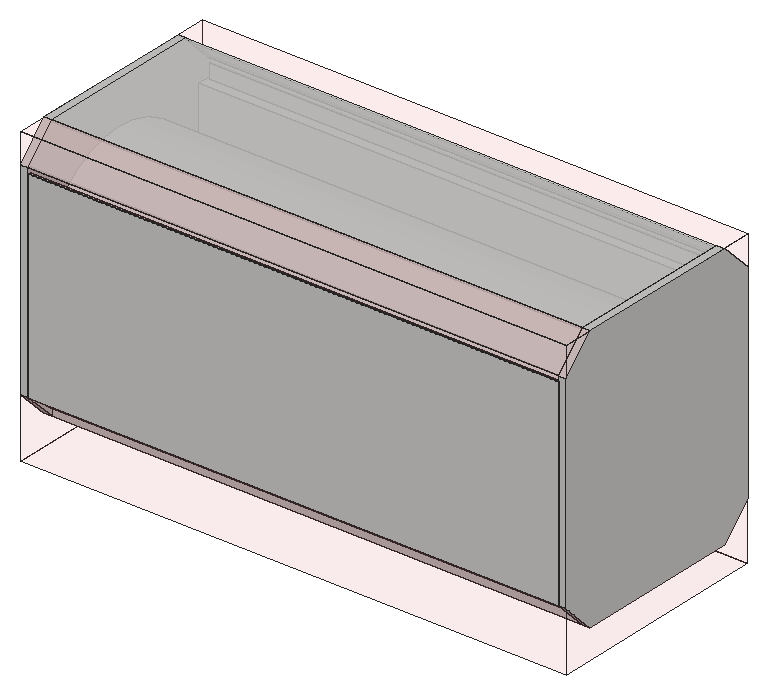
Revit family "Air-Curtain_Climate-Control_PoweredAire_ECE-E", category Mechanical Equipment, host Face, Revit 2017
Family settings
  Host = Face
  Round Connector Dimension = Use Diameter
  Part Type = Normal
  OmniClass Number = 23.75.35.17.21
  OmniClass Title = Air Curtains
  Cut with Voids When Loaded = No
  Shared = No
  Room Calculation Point = No
Parameters
  Warranty Duration (Years) = 0
  Unit Width Notes = "Other Widths available."  # constant formula
  Unit Width = 3' - 0"
  Unit Weight = 0
  Unit Height = 1' - 3"
  Unit Depth = 1' - 5 1/2"
  URL = "http://www.poweredaire.com/"
  Test Data = ""
  Temperature Rise_Range = "as Specified"
  Standards Conformance = "as Specified"
  Specification = "http://www.arcat.com/sdspecs/htm04/23_34_33pai.htm"
  SpecWizard = ""
  Sound Pressure = "as Specified"
  Sales Information = "http://www.poweredaire.com/contact_us"
  Revision = "R1_2016-08"
  Projection from Host [instance] = 0' - 2"
  Product Properties = ""
  Product Data = "http://www.arcat.com/arcatcos/cos47/arc47623.html"
  Power Rating = 0 W
  Outlet Volume_Range = "as Specified"
  Outlet Velocity_Range = "as Specified"
  Nozzle Width = if(1 = 1, Unit Width - 0' 1", 0' 0")  # 2' - 11"
  Mounting Width = if(1 = 1, Unit Width - 0' 0 15/16", 0' 0")  # 2' - 11 1/16"
  Mounting Height [instance] = 3' - 6"
  Motor RPM = 0
  Motor HP = 0
  Motor Count = 0
  Model = "As Specified"
  Max Height = 0' - 0"
  Manufacturer Website = "http://www.poweredaire.com/"
  Manufacturer Phone - Toll Free = "888-321-2473"
  Manufacturer Phone = "724-588-3305"
  Manufacturer Fax = "724-588-3371"
  Manufacturer Address = "109 Mortensen Rd.  Greenville, PA 16125"
  Manufacturer = "Powered Aire, Inc"
  Maintenance Schedule (Months) = 0
  Keynote = "23 34 33"
  Installation-Fabrication = ""
  Installation Phase = ""
  Include Clearance [instance] = yes
  Heating Element Load = 0 W
  HVAC_Temperature Rise [instance] = 0 °F
  HVAC_Outlet Volume [instance] = 0 CFM
  HVAC_Outlet Velocity Uniformity = 0
  HVAC_Outlet Velocity [instance] = 0 FPM
  Green Building-LEED = "http://www.arcat.com/green/clients/leed_data_47623.html"
  Front Grating Material [instance] = Metal - Steel - PoweredAire - Stainless 304 Perforated
  Frame Finish [instance] = Metal - Steel - PoweredAire - Stainless 304
  Expected Lifespan (Years) = 0
  Electrical_Wattage [instance] = Power Rating + Heating Element Load  # 0 W
  Electrical_Voltage [instance] = 0 V
  Electrical_Phase [instance] = 1
  Electrical_Frequency [instance] = 0 Hz
  Electrical_Amperage [instance] = 0 A
  Drawn By = "Sumex Design, Inc. / Robert S. Weygant, CSI, CDT, SCIP"
  Description = "Powered Aire Air Curtain as Specified"
  Default Elevation = 0' - 0"  # constant formula
  Copyright = "©Arcat Inc."
  Construction Details = "http://www.arcat.com/details/powair/prod3336.html"
  Clearance_Top [instance] = 0' - 0"
  Clearance_Side B [instance] = 0' - 0"
  Clearance_Side A [instance] = 0' - 0"
  Clearance_Intake [instance] = 0' - 0"
  Clearance_Bottom [instance] = 0' - 0"
  Clearance Material [instance] = ARCAT Clearance
  Building Codes = ""
  Available Options [instance] = "as Specified"
  Assembly Code = "D3090400"
Reference planes (in)
  plane 1 "Center (Elevation)": y = 0.13818
  plane 2: z = 0
  plane 3 "Center (Left/Right)": x = 0
  plane 4: y = 7.63818
  plane 5: y = -7.36182
  plane 6: x = -18
  plane 7: x = 18
  plane 8: z = 19.5
  plane 9 "FF": y = -41.86182
  plane 10: z = 2
  plane 11: x = 17.5
  plane 12: x = -17.5
  plane 13: y = 7.63818
  plane 14: y = -7.36182
  plane 15: x = -18
  plane 16: x = 18
  plane 17: z = 19.5
Forms (in)
  Extrusion 1, solid, material "Metal - Steel - PoweredAire - Stainless 304" <- "Frame Finish"
    sketch origin (0, 0, 0) x (0, 1, 0) y (0, 0, 1)
      loop
        line (5.69363, 2) -> (7.63818, 3.94454) -> (7.63818, 17.55546) -> (5.69363, 19.5) -> (-5.41728, 19.5) -> (-7.36182, 17.55546) -> (-7.36182, 3.94454) -> (-5.41728, 2) -> (5.69363, 2)
    from 17.5 to 18
  Extrusion 2, solid, material "Metal - Steel - PoweredAire - Stainless 304" <- "Frame Finish"
    sketch origin (0, 0, -0.5) x (0, 1, 0) y (0, 0, 1)
      loop
        circle (0.13818, 10.9739) r 6.25
      loop
        line (6.63818, 16.89427) -> (6.63818, 5.87829) -> (7.33849, 5.87829) -> (7.33849, 16.89427) -> (6.63818, 16.89427)
      loop
        line (-7.02798, 16.76927) -> (-7.02798, 5.75329) -> (-6.36182, 5.75329) -> (-6.36182, 16.76927) -> (-7.02798, 16.76927)
    from -17.5 to 17.5
  Extrusion 3, solid, material "Metal - Steel - PoweredAire - Stainless 304" <- "Frame Finish"
    sketch origin (0, 0, 0) x (0, 1, 0) y (0, 0, -1)
      loop
        line (5.69363, -2) -> (-5.41728, -2) -> (-7.36182, -3.94454) -> (-7.36182, -17.55546) -> (-5.41728, -19.5) -> (5.69363, -19.5) -> (7.63818, -17.55546) -> (7.63818, -3.94454) -> (5.69363, -2)
    from 17.5 to 18
  Extrusion 4, solid, material "Metal - Steel - PoweredAire - Stainless 304" <- "Frame Finish"
    sketch origin (0, 0, 0) x (0, 1, 0) y (0, 0, 1)
      loop
        line (-5.41728, 2) -> (5.69363, 2) -> (7.63818, 3.94454) -> (7.63818, 17.19454) -> (7.51318, 17.19454) -> (7.51318, 3.99632) -> (5.64186, 2.125) -> (-5.29228, 2.125) -> (-5.29228, 4.06954) -> (-7.23682, 4.06954) -> (-7.23682, 17.19454) -> (-7.36182, 17.19454) -> (-7.36182, 3.94454) -> (-5.41728, 3.94454) -> (-5.41728, 2)
      loop
        line (-6.64819, 3.61034) -> (-5.8702, 2.83235) -> (-5.74472, 2.95783) -> (-6.52271, 3.73583) -> (-6.64819, 3.61034)
    from -17.5 to 17.5
  Extrusion 5, solid, material "Metal - Steel - PoweredAire - Stainless 304 Perforated" <- "Front Grating Material"
    sketch origin (0, 0, 0) x (0, 1, 0) y (0, 0, 1)
      loop
        line (-7.36182, 17.19454) -> (-7.23682, 17.19454) -> (-7.23682, 17.50368) -> (-5.3655, 19.375) -> (5.64186, 19.375) -> (7.51318, 17.50368) -> (7.51318, 17.19454) -> (7.63818, 17.19454) -> (7.63818, 17.55546) -> (5.69363, 19.5) -> (-5.41728, 19.5) -> (-7.36182, 17.55546) -> (-7.36182, 17.19454)
    from -17.5 to 17.5
  Extrusion 6, solid, material "ARCAT Clearance" <- "Clearance Material", visible <- "Include Clearance"
    sketch origin (0, 0, 0) x (0, 1, 0) y (0, 0, 1)
      loop
        line (-7.36182, 19.5) -> (-7.36182, 0) -> (7.63818, 0) -> (7.63818, 19.5) -> (-7.36182, 19.5)
    from -18 to 18
Dimensions and locks (in)
  equal spacing: plane 4, plane 1 "Center (Elevation)", plane 5
  "Unit Height": plane 4 to plane 5
  equal spacing: plane 6, plane 3 "Center (Left/Right)", plane 7
  "Unit Width": plane 6 to plane 7
  "Mounting Height": plane 1 "Center (Elevation)" to plane 9 "FF"
  "Projection from Host": plane 10 to level
  "Unit Depth": plane 8 to plane 10
  locked: plane 6 to plane 12 at 0.5
  locked: plane 11 to plane 7 at 0.5
  "Clearance_Side A": plane 7 to plane 16
  "Clearance_Side B": plane 15 to plane 6
  "Clearance_Top": plane 13 to plane 4
  "Clearance_Bottom": plane 5 to plane 14
  "Clearance_Intake": plane 17 to plane 8
  aligned and locked: plane 2 to host face
  aligned and locked: level to host face
  aligned and locked: plane 7 to Extrusion 1
  aligned and locked: Extrusion 1 to plane 11
  aligned and locked: plane 12 to Extrusion 3
  aligned and locked: Extrusion 3 to plane 6
  aligned and locked: Extrusion 2 to plane 12
  aligned and locked: plane 11 to Extrusion 2
  aligned and locked: plane 11 to Extrusion 4
  aligned and locked: Extrusion 4 to plane 12
  aligned and locked: plane 11 to Extrusion 5
  aligned and locked: Extrusion 5 to plane 12
  aligned and locked: Extrusion 6 sketch curve to plane 17
  aligned and locked: plane 14 to Extrusion 6 sketch curve
  aligned and locked: level to Extrusion 6 sketch curve
  aligned and locked: Extrusion 6 sketch curve to plane 13
  aligned and locked: plane 16 to Extrusion 6
  aligned and locked: Extrusion 6 to plane 15
Automatic sketch dimensions
  host sketch curve to host sketch curve = 8' - 0"  (x2)
  Extrusion 1 sketch curve to plane 5 = 0' - 0"
  Extrusion 1 sketch curve to plane 8 = 0' - 0"
  Extrusion 1 sketch curve to plane 10 = 0' - 0"
  Extrusion 1 sketch curve to plane 4 = 0' - 0"
  plane 5 to Extrusion 1 sketch curve = 0' - 1.94454"  (x2)
  Extrusion 1 sketch curve to plane 4 = 0' - 1.94454"  (x2)
  plane 10 to Extrusion 1 sketch curve = 0' - 1.94454"  (x2)
  Extrusion 1 sketch curve to plane 8 = 0' - 1.94454"  (x2)
  Extrusion 2 sketch curve to plane 1 "Center (Elevation)" = 0' - 0"
  plane 5 to Extrusion 2 sketch curve = 0' - 1"
  plane 5 to Extrusion 2 sketch curve = 0' - 0.33384"
  Extrusion 2 sketch curve to plane 4 = 0' - 1"
  Extrusion 2 sketch curve to plane 4 = 0' - 0.29969"
  plane 10 to Extrusion 2 sketch curve = 0' - 3.37829"
  plane 10 to Extrusion 2 sketch curve = 0' - 3.25329"
  Extrusion 2 sketch curve to plane 8 = 0' - 9.0261"
  Extrusion 2 sketch curve to plane 8 = 0' - 3.23073"
  Extrusion 2 sketch curve to plane 8 = 0' - 3.10573"
  Extrusion 3 sketch curve to plane 5 = 0' - 0"
  Extrusion 3 sketch curve to plane 8 = 0' - 0"
  Extrusion 3 sketch curve to plane 10 = 0' - 0"
  Extrusion 3 sketch curve to plane 4 = 0' - 0"
  plane 5 to Extrusion 3 sketch curve = 0' - 1.94454"  (x2)
  Extrusion 3 sketch curve to plane 4 = 0' - 1.94454"  (x2)
  Extrusion 3 sketch curve to plane 8 = 0' - 1.94454"  (x2)
  plane 10 to Extrusion 3 sketch curve = 0' - 1.94454"  (x2)
  Extrusion 4 sketch curve to plane 5 = 0' - 0"
  Extrusion 4 sketch curve to plane 10 = 0' - 0"
  Extrusion 4 sketch curve to plane 4 = 0' - 0"
  plane 5 to Extrusion 4 sketch curve = 0' - 0 1/8"
  plane 5 to Extrusion 4 sketch curve = 0' - 0.71363"
  Extrusion 4 sketch curve to Extrusion 4 sketch curve = 0' - 0.12548"  (x2)
  Extrusion 4 sketch curve to Extrusion 4 sketch curve = 0' - 0.778"
  Extrusion 4 sketch curve to Extrusion 4 sketch curve = 0' - 0.32744"
  Extrusion 4 sketch curve to Extrusion 4 sketch curve = 0' - 0 1/8"  (x2)
  plane 10 to Extrusion 4 sketch curve = 0' - 0 1/8"
  Extrusion 4 sketch curve to plane 4 = 0' - 1.99632"
  Extrusion 4 sketch curve to Extrusion 4 sketch curve = 0' - 0.05178"  (x2)
  plane 10 to Extrusion 4 sketch curve = 0' - 0.83235"
  plane 10 to Extrusion 4 sketch curve = 0' - 1.94454"
  Extrusion 4 sketch curve to Extrusion 4 sketch curve = 0' - 0.3342"
  Extrusion 4 sketch curve to plane 4 = 0' - 0 1/8"
  Extrusion 4 sketch curve to plane 8 = 0' - 2.30546"  (x2)
  Extrusion 5 sketch curve to plane 5 = 0' - 0"
  Extrusion 5 sketch curve to plane 8 = 0' - 0"
  Extrusion 5 sketch curve to plane 4 = 0' - 0"
  plane 5 to Extrusion 5 sketch curve = 0' - 0 1/8"
  plane 5 to Extrusion 5 sketch curve = 0' - 1.94454"
  Extrusion 5 sketch curve to plane 8 = 0' - 0 1/8"
  Extrusion 5 sketch curve to Extrusion 5 sketch curve = 0' - 0.05178"  (x4)
  Extrusion 5 sketch curve to plane 4 = 0' - 1.99632"
  Extrusion 5 sketch curve to plane 8 = 0' - 1.94454"  (x2)
  Extrusion 5 sketch curve to Extrusion 5 sketch curve = 0' - 0 1/8"
  Extrusion 5 sketch curve to Extrusion 5 sketch curve = 0' - 0.30914"  (x2)
  radius of Extrusion 2 sketch curve = 0' - 6 1/4"
Connectors (in)
  electrical at (0, 7.63818, 10.56954), driven by "Electrical_Phase", driven by "Electrical_Voltage"
    settings: on Extrusion 4, index 1, voltage 0 V, apparent load 0 VA, apparent load phase1 0 VA, apparent load phase2 0 VA, apparent load phase3 0 VA, power factor 1, load classification "Motor", number of poles 1, system type 31, power factor state 1, is connector primary yes, connector utility no, sub classification motor no, connector description ""
